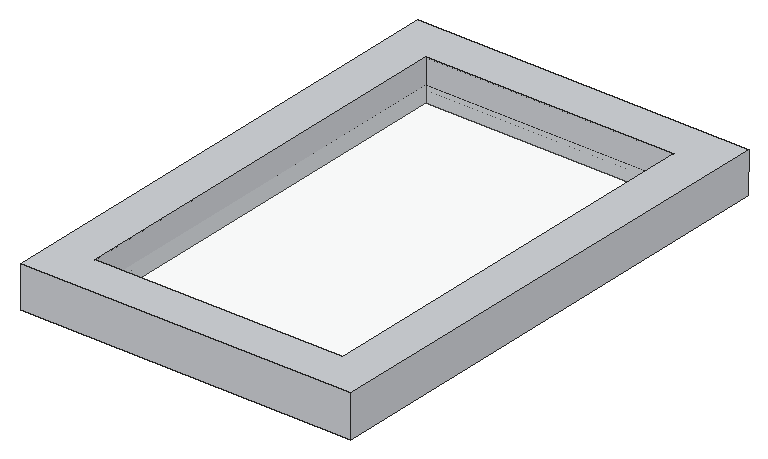
Revit family "PHLS Skylight", category Windows, host Roof, Revit 2018 (continued)
Definition of nested family "dReveal Left Side Text - Elevation"
  Lines and regions (mm)
    Filled region 6, type "Solid Fill - Blue", in view "Ref. Level"
      outline origin (123.92, 0, 0) x (1, 0, 0) y (0, 1, 0)
        loop
          line (-180.453, -11.396) -> (-182.195, -19.881) -> (-174.048, -19.881)
          spline (-174.048, -19.881) -> (-171.339, -19.39) -> (-170.403, -18.98) -> (-169.624, -18.453) -> (-168.951, -17.766) -> (-168.372, -16.767) -> (-167.965, -15.727) -> (-167.815, -14.787) -> (-167.91, -13.846) -> (-168.186, -12.981) -> (-168.936, -12.084) -> (-169.762, -11.678) -> (-172.089, -11.396)
          line (-172.089, -11.396) -> (-180.453, -11.396)
    Filled region 7, type "Solid Fill - Blue", in view "Ref. Level"
      outline origin (152.049, 0, 0) x (1, 0, 0) y (0, 1, 0)
        loop
          line (-188.129, -25.472) -> (-174.751, -25.472)
          spline (-174.751, -25.472) -> (-175.33, -18.793) -> (-178.232, -15.972) -> (-182.297, -15.286) -> (-185.875, -16.235) -> (-188.923, -19.053) -> (-190.829, -22.908) -> (-191.378, -26.678) -> (-190.398, -30.629) -> (-187.637, -33.408) -> (-183.785, -34.191) -> (-179.629, -32.861) -> (-175.591, -27.915)
          line (-175.591, -27.915) -> (-178.628, -27.65)
          spline (-178.628, -27.65) -> (-179.383, -29.083) -> (-180.181, -30.112) -> (-181.08, -30.842) -> (-182.086, -31.328) -> (-183.191, -31.613) -> (-184.325, -31.69) -> (-185.385, -31.524) -> (-186.294, -31.082) -> (-187.053, -30.342) -> (-187.68, -29.283) -> (-188.105, -27.762) -> (-188.129, -25.472)
        loop
          spline (-177.445, -23.161) -> (-177.526, -21.224) -> (-177.805, -19.993) -> (-178.317, -19.083) -> (-179.061, -18.396) -> (-179.944, -17.928) -> (-180.872, -17.685) -> (-181.802, -17.626) -> (-182.746, -17.748) -> (-183.806, -18.125) -> (-185.057, -18.884) -> (-186.406, -20.407) -> (-187.699, -23.161)
          line (-187.699, -23.161) -> (-177.445, -23.161)
    Filled region 8, type "Solid Fill - Blue", in view "Ref. Level"
      outline origin (189.186, 0, 0) x (1, 0, 0) y (0, 1, 0)
        loop
          line (-188.129, -25.472) -> (-174.751, -25.472)
          spline (-174.751, -25.472) -> (-175.33, -18.793) -> (-178.232, -15.972) -> (-182.297, -15.286) -> (-185.875, -16.235) -> (-188.923, -19.053) -> (-190.829, -22.908) -> (-191.378, -26.678) -> (-190.398, -30.629) -> (-187.637, -33.408) -> (-183.785, -34.191) -> (-179.629, -32.861) -> (-175.591, -27.915)
          line (-175.591, -27.915) -> (-178.628, -27.65)
          spline (-178.628, -27.65) -> (-179.383, -29.083) -> (-180.181, -30.112) -> (-181.08, -30.842) -> (-182.086, -31.328) -> (-183.191, -31.613) -> (-184.325, -31.69) -> (-185.385, -31.524) -> (-186.294, -31.082) -> (-187.053, -30.342) -> (-187.68, -29.283) -> (-188.105, -27.762) -> (-188.129, -25.472)
        loop
          spline (-177.445, -23.161) -> (-177.526, -21.224) -> (-177.805, -19.993) -> (-178.317, -19.083) -> (-179.061, -18.396) -> (-179.944, -17.928) -> (-180.872, -17.685) -> (-181.802, -17.626) -> (-182.746, -17.748) -> (-183.806, -18.125) -> (-185.057, -18.884) -> (-186.406, -20.407) -> (-187.699, -23.161)
          line (-187.699, -23.161) -> (-177.445, -23.161)
    Filled region 9, type "Solid Fill - Blue", in view "Ref. Level"
      outline origin (173.693, 0, 0) x (1, 0, 0) y (0, 1, 0)
        loop
          line (-189.88, -33.819) -> (-186.425, -33.819) -> (-175.939, -15.656) -> (-179.19, -15.656) -> (-187.655, -30.927) -> (-189.88, -15.656) -> (-192.832, -15.656) -> (-189.88, -33.819)
    Filled region 10, type "Solid Fill - Blue", in view "Ref. Level"
      outline origin (208.746, 0, 0) x (1, 0, 0) y (0, 1, 0)
        loop
          spline (-176.731, -33.81) -> (-177.048, -30.756) -> (-176.568, -27.729) -> (-175.862, -24.428) -> (-175.296, -21.761) -> (-175.209, -19.472) -> (-176.174, -17.323) -> (-178.088, -15.946) -> (-180.408, -15.324) -> (-183.076, -15.244) -> (-185.871, -15.924) -> (-188.445, -17.662) -> (-190.254, -20.766)
          line (-190.254, -20.766) -> (-187.177, -21.036)
          spline (-187.177, -21.036) -> (-186.217, -19.367) -> (-185.166, -18.49) -> (-184.123, -18.053) -> (-183.14, -17.828) -> (-182.213, -17.753) -> (-181.329, -17.788) -> (-180.488, -17.931) -> (-179.696, -18.205) -> (-178.989, -18.646) -> (-178.457, -19.328) -> (-178.242, -20.429) -> (-178.61, -22.434)
          spline (-178.61, -22.434) -> (-182.106, -22.969) -> (-185.94, -23.268) -> (-188.411, -23.836) -> (-190.183, -24.81) -> (-191.466, -26.329) -> (-192.072, -28.375) -> (-191.785, -30.63) -> (-190.666, -32.589) -> (-188.815, -33.834) -> (-186.625, -34.269) -> (-184.308, -33.979) -> (-180.197, -31.547)
          line (-180.197, -31.547) -> (-179.837, -33.81) -> (-176.731, -33.81)
        loop
          arc (-179.062, -24.59) -> (-179.61, -24.797) -> (-180.176, -24.947) r 5.632
          spline (-180.176, -24.947) -> (-183.054, -25.289) -> (-185.569, -25.599) -> (-187.565, -26.26) -> (-188.711, -27.474) -> (-189.006, -29.249) -> (-188.323, -30.798) -> (-186.742, -31.691) -> (-184.734, -31.772) -> (-182.898, -31.193) -> (-181.336, -30.093) -> (-180.13, -28.385) -> (-179.062, -24.59)
    Filled region 11, type "Solid Fill - Blue", in view "Ref. Level"
      outline origin (223.839, 0, 0) x (1, 0, 0) y (0, 1, 0)
        loop
          line (-188.472, -33.793) -> (-185.362, -33.793) -> (-180.225, -8.762) -> (-183.335, -8.762) -> (-188.472, -33.793)
    Filled region 12, type "Solid Fill - Blue", in view "Ref. Level"
      outline origin (241.995, 0, 0) x (1, 0, 0) y (0, 1, 0)
        loop
          line (-188.472, -33.793) -> (-171.96, -33.793) -> (-171.385, -30.991) -> (-184.475, -30.991) -> (-179.913, -8.762) -> (-183.335, -8.762) -> (-188.472, -33.793)
    Filled region 13, type "Solid Fill - Blue", in view "Ref. Level"
      outline origin (264.491, 0, 0) x (1, 0, 0) y (0, 1, 0)
        loop
          line (-188.129, -25.472) -> (-174.751, -25.472)
          spline (-174.751, -25.472) -> (-175.33, -18.793) -> (-178.232, -15.972) -> (-182.297, -15.286) -> (-185.875, -16.235) -> (-188.923, -19.053) -> (-190.829, -22.908) -> (-191.378, -26.678) -> (-190.398, -30.629) -> (-187.637, -33.408) -> (-183.785, -34.191) -> (-179.629, -32.861) -> (-175.591, -27.915)
          line (-175.591, -27.915) -> (-178.628, -27.65)
          spline (-178.628, -27.65) -> (-179.383, -29.083) -> (-180.181, -30.112) -> (-181.08, -30.842) -> (-182.086, -31.328) -> (-183.191, -31.613) -> (-184.325, -31.69) -> (-185.385, -31.524) -> (-186.294, -31.082) -> (-187.053, -30.342) -> (-187.68, -29.283) -> (-188.105, -27.762) -> (-188.129, -25.472)
        loop
          spline (-177.445, -23.161) -> (-177.526, -21.224) -> (-177.805, -19.993) -> (-178.317, -19.083) -> (-179.061, -18.396) -> (-179.944, -17.928) -> (-180.872, -17.685) -> (-181.802, -17.626) -> (-182.746, -17.748) -> (-183.806, -18.125) -> (-185.057, -18.884) -> (-186.406, -20.407) -> (-187.699, -23.161)
          line (-187.699, -23.161) -> (-177.445, -23.161)
    Filled region 14, type "Solid Fill - Blue", in view "Ref. Level"
      outline origin (363.086, 0, 0) x (1, 0, 0) y (0, 1, 0)
        loop
          line (-188.129, -25.472) -> (-174.751, -25.472)
          spline (-174.751, -25.472) -> (-175.33, -18.793) -> (-178.232, -15.972) -> (-182.297, -15.286) -> (-185.875, -16.235) -> (-188.923, -19.053) -> (-190.829, -22.908) -> (-191.378, -26.678) -> (-190.398, -30.629) -> (-187.637, -33.408) -> (-183.785, -34.191) -> (-179.629, -32.861) -> (-175.591, -27.915)
          line (-175.591, -27.915) -> (-178.628, -27.65)
          spline (-178.628, -27.65) -> (-179.383, -29.083) -> (-180.181, -30.112) -> (-181.08, -30.842) -> (-182.086, -31.328) -> (-183.191, -31.613) -> (-184.325, -31.69) -> (-185.385, -31.524) -> (-186.294, -31.082) -> (-187.053, -30.342) -> (-187.68, -29.283) -> (-188.105, -27.762) -> (-188.129, -25.472)
        loop
          spline (-177.445, -23.161) -> (-177.526, -21.224) -> (-177.805, -19.993) -> (-178.317, -19.083) -> (-179.061, -18.396) -> (-179.944, -17.928) -> (-180.872, -17.685) -> (-181.802, -17.626) -> (-182.746, -17.748) -> (-183.806, -18.125) -> (-185.057, -18.884) -> (-186.406, -20.407) -> (-187.699, -23.161)
          line (-187.699, -23.161) -> (-177.445, -23.161)
    Filled region 15, type "Solid Fill - Blue", in view "Ref. Level"
      outline origin (352.658, 0, 0) x (1, 0, 0) y (0, 1, 0)
        loop
          line (-189.097, -33.793) -> (-186.143, -33.793) -> (-181.007, -8.762) -> (-183.96, -8.762) -> (-185.992, -18.666)
          spline (-185.992, -18.666) -> (-189.018, -15.645) -> (-191.89, -15.318) -> (-194.745, -16.312) -> (-197.017, -18.256) -> (-198.758, -21.005) -> (-199.707, -23.911) -> (-199.98, -27.227) -> (-199.492, -30.174) -> (-197.974, -32.627) -> (-195.435, -34.052) -> (-192.553, -33.977) -> (-188.596, -31.353)
          line (-188.596, -31.353) -> (-189.097, -33.793)
        loop
          spline (-187.074, -23.939) -> (-187.766, -19.434) -> (-189.652, -17.96) -> (-191.978, -17.855) -> (-193.982, -19.036) -> (-195.419, -21.043) -> (-196.57, -23.675) -> (-197.008, -26.615) -> (-196.558, -29.314) -> (-195.29, -31.127) -> (-193.225, -31.745) -> (-190.995, -31.199) -> (-187.564, -26.326)
          line (-187.564, -26.326) -> (-187.074, -23.939)
    Filled region 16, type "Solid Fill - Blue", in view "Ref. Level"
      outline origin (280.66, 0, 0) x (1, 0, 0) y (0, 1, 0)
        loop
          line (-188.472, -33.793) -> (-185.362, -33.793) -> (-182.128, -18.033) -> (-178.684, -18.033) -> (-178.196, -15.651) -> (-181.639, -15.651) -> (-181.13, -13.171)
          spline (-181.13, -13.171) -> (-180.875, -12.394) -> (-180.648, -11.881) -> (-180.425, -11.557) -> (-180.185, -11.35) -> (-179.912, -11.208) -> (-179.604, -11.12) -> (-179.257, -11.078) -> (-178.871, -11.074) -> (-178.428, -11.106) -> (-177.895, -11.181) -> (-177.234, -11.306) -> (-176.412, -11.487)
          line (-176.412, -11.487) -> (-175.837, -8.781)
          spline (-175.837, -8.781) -> (-177.104, -8.532) -> (-178.088, -8.382) -> (-178.945, -8.3) -> (-179.74, -8.286) -> (-180.49, -8.36) -> (-181.202, -8.535) -> (-181.855, -8.805) -> (-182.425, -9.164) -> (-182.908, -9.62) -> (-183.321, -10.204) -> (-183.703, -11.082) -> (-184.151, -12.738)
          line (-184.151, -12.738) -> (-184.748, -15.651) -> (-187.516, -15.651) -> (-188.004, -18.033) -> (-185.237, -18.033) -> (-188.472, -33.793)
    Filled region 17, type "Solid Fill - Blue", in view "Ref. Level"
      outline origin (290.66, 0, 0) x (1, 0, 0) y (0, 1, 0)
        loop
          spline (-188.225, -31.068) -> (-188.142, -32.2) -> (-187.85, -32.743) -> (-187.548, -33.075) -> (-187.215, -33.366) -> (-186.817, -33.641) -> (-186.334, -33.851) -> (-185.8, -33.988) -> (-185.279, -34.07) -> (-184.77, -34.11) -> (-184.203, -34.117) -> (-183.457, -34.057) -> (-182.296, -33.793)
          line (-182.296, -33.793) -> (-181.778, -31.268)
          spline (-181.778, -31.268) -> (-182.615, -31.431) -> (-183.256, -31.506) -> (-183.748, -31.513) -> (-184.131, -31.466) -> (-184.428, -31.371) -> (-184.66, -31.233) -> (-184.832, -31.045) -> (-184.939, -30.798) -> (-184.983, -30.489) -> (-184.981, -30.117) -> (-184.902, -29.552) -> (-184.676, -28.55)
          line (-184.676, -28.55) -> (-182.44, -18.033) -> (-179.466, -18.033) -> (-178.977, -15.651) -> (-181.952, -15.651) -> (-180.595, -9.043) -> (-184.142, -11.174) -> (-185.061, -15.651) -> (-187.516, -15.651) -> (-188.004, -18.033) -> (-185.55, -18.033) -> (-188.225, -31.068)
    Filled region 18, type "Solid Fill - Blue", in view "Ref. Level"
      outline origin (331.507, 0, 0) x (1, 0, 0) y (0, 1, 0)
        loop
          line (-187.046, -33.813) -> (-183.92, -33.813) -> (-180.059, -15.651) -> (-183.186, -15.651) -> (-187.046, -33.813)
        loop
          line (-178.662, -8.76) -> (-181.772, -8.76) -> (-182.479, -12.206) -> (-179.369, -12.206) -> (-178.662, -8.76)
    Filled region 19, type "Solid Fill - Blue", in view "Ref. Level"
      outline origin (314.652, 0, 0) x (1, 0, 0) y (0, 1, 0)
        loop
          spline (-191.902, -25.696) -> (-188.873, -32.573) -> (-184.7, -34.054) -> (-179.1, -33.911) -> (-174.626, -31.632) -> (-172.605, -27.747) -> (-173.701, -23.276) -> (-177.807, -20.444) -> (-183.106, -18.033) -> (-185.511, -14.656) -> (-182.77, -11.452) -> (-177.656, -11.4) -> (-174.053, -16.091)
          line (-174.053, -16.091) -> (-170.823, -15.809)
          spline (-170.823, -15.809) -> (-173.206, -10.35) -> (-177.749, -8.428) -> (-183.329, -8.698) -> (-187.292, -10.915) -> (-188.76, -15.635) -> (-186.187, -19.894) -> (-181.292, -22.401) -> (-176.599, -25.193) -> (-176.643, -29.277) -> (-181.021, -31.416) -> (-186.304, -30.526) -> (-188.603, -25.407)
          line (-188.603, -25.407) -> (-191.902, -25.696)
Definition of nested family "hHori Text - Elevation"
  Reference planes
    plane 1 "Center (Front/Back)": y = 0
    plane 2: z = 0
    plane 3 "Center (Left/Right)": x = 0
  Lines and regions (mm)
    Filled region 1, type "Solid Fill - Blue", in view "Ref. Level"
      outline origin (96.015, 45, 0) x (1, 0, 0) y (0, 1, 0)
        loop
          line (-188.472, -33.793) -> (-185.05, -33.793) -> (-182.961, -23.613) -> (-175.674, -23.613)
          spline (-175.674, -23.613) -> (-171.33, -22.908) -> (-169.791, -22.309) -> (-168.405, -21.311) -> (-167.201, -20.024) -> (-166.317, -18.518) -> (-165.768, -16.888) -> (-165.579, -15.289) -> (-165.618, -13.63) -> (-166.119, -11.979) -> (-167.07, -10.588) -> (-168.322, -9.573) -> (-171.627, -8.762)
          line (-171.627, -8.762) -> (-183.335, -8.762) -> (-188.472, -33.793)
        loop
          line (-180.453, -11.396) -> (-182.387, -20.819) -> (-175.67, -20.819)
          spline (-175.67, -20.819) -> (-172.662, -20.274) -> (-171.624, -19.818) -> (-170.758, -19.233) -> (-170.01, -18.47) -> (-169.367, -17.36) -> (-168.916, -16.205) -> (-168.749, -15.161) -> (-168.855, -14.116) -> (-169.161, -13.156) -> (-169.994, -12.16) -> (-170.911, -11.709) -> (-173.495, -11.396)
          line (-173.495, -11.396) -> (-180.453, -11.396)
    Filled region 2, type "Solid Fill - Blue", in view "Ref. Level"
      outline origin (119.226, 45, 0) x (1, 0, 0) y (0, 1, 0)
        loop
          line (-188.472, -33.793) -> (-185.05, -33.793) -> (-182.624, -21.973) -> (-169.658, -21.973) -> (-172.083, -33.793) -> (-168.661, -33.793) -> (-163.525, -8.762) -> (-166.947, -8.762) -> (-169.084, -19.178) -> (-182.05, -19.178) -> (-179.913, -8.762) -> (-183.335, -8.762) -> (-188.472, -33.793)
    Filled region 3, type "Solid Fill - Blue", in view "Ref. Level"
      outline origin (144.429, 45, 0) x (1, 0, 0) y (0, 1, 0)
        loop
          line (-188.472, -33.793) -> (-185.05, -33.793) -> (-182.961, -23.613) -> (-175.674, -23.613)
          spline (-175.674, -23.613) -> (-171.33, -22.908) -> (-169.791, -22.309) -> (-168.405, -21.311) -> (-167.201, -20.024) -> (-166.317, -18.518) -> (-165.768, -16.888) -> (-165.579, -15.289) -> (-165.618, -13.63) -> (-166.119, -11.979) -> (-167.07, -10.588) -> (-168.322, -9.573) -> (-171.627, -8.762)
          line (-171.627, -8.762) -> (-183.335, -8.762) -> (-188.472, -33.793)
        loop
          line (-180.453, -11.396) -> (-182.387, -20.819) -> (-175.67, -20.819)
          spline (-175.67, -20.819) -> (-172.662, -20.274) -> (-171.624, -19.818) -> (-170.758, -19.233) -> (-170.01, -18.47) -> (-169.367, -17.36) -> (-168.916, -16.205) -> (-168.749, -15.161) -> (-168.855, -14.116) -> (-169.161, -13.156) -> (-169.994, -12.16) -> (-170.911, -11.709) -> (-173.495, -11.396)
          line (-173.495, -11.396) -> (-180.453, -11.396)
    Filled region 4, type "Solid Fill - Blue", in view "Ref. Level"
      outline origin (167.493, 45, 0) x (1, 0, 0) y (0, 1, 0)
        loop
          line (-188.472, -33.793) -> (-185.05, -33.793) -> (-182.961, -23.613) -> (-175.674, -23.613)
          spline (-175.674, -23.613) -> (-171.33, -22.908) -> (-169.791, -22.309) -> (-168.405, -21.311) -> (-167.201, -20.024) -> (-166.317, -18.518) -> (-165.768, -16.888) -> (-165.579, -15.289) -> (-165.618, -13.63) -> (-166.119, -11.979) -> (-167.07, -10.588) -> (-168.322, -9.573) -> (-171.627, -8.762)
          line (-171.627, -8.762) -> (-183.335, -8.762) -> (-188.472, -33.793)
        loop
          line (-180.453, -11.396) -> (-182.387, -20.819) -> (-175.67, -20.819)
          spline (-175.67, -20.819) -> (-172.662, -20.274) -> (-171.624, -19.818) -> (-170.758, -19.233) -> (-170.01, -18.47) -> (-169.367, -17.36) -> (-168.916, -16.205) -> (-168.749, -15.161) -> (-168.855, -14.116) -> (-169.161, -13.156) -> (-169.994, -12.16) -> (-170.911, -11.709) -> (-173.495, -11.396)
          line (-173.495, -11.396) -> (-180.453, -11.396)
    Filled region 5, type "Solid Fill - Blue", in view "Ref. Level"
      outline origin (219.538, 45, 0) x (1, 0, 0) y (0, 1, 0)
        loop
          line (-188.472, -33.793) -> (-185.05, -33.793) -> (-182.624, -21.973) -> (-169.658, -21.973) -> (-172.083, -33.793) -> (-168.661, -33.793) -> (-163.525, -8.762) -> (-166.947, -8.762) -> (-169.084, -19.178) -> (-182.05, -19.178) -> (-179.913, -8.762) -> (-183.335, -8.762) -> (-188.472, -33.793)
    Filled region 6, type "Solid Fill - Blue", in view "Ref. Level"
      outline origin (273.973, 44.971, 0) x (1, 0, 0) y (0, 1, 0)
        loop
          line (-187.046, -33.813) -> (-183.92, -33.813) -> (-180.059, -15.651) -> (-183.186, -15.651) -> (-187.046, -33.813)
        loop
          line (-178.662, -8.76) -> (-181.772, -8.76) -> (-182.479, -12.206) -> (-179.369, -12.206) -> (-178.662, -8.76)
    Filled region 7, type "Solid Fill - Blue", in view "Ref. Level"
      outline origin (262.354, 44.971, 0) x (1, 0, 0) y (0, 1, 0)
        loop
          line (-187.203, -33.813) -> (-184.232, -33.813) -> (-182.187, -24.191)
          spline (-182.187, -24.191) -> (-181.595, -22.531) -> (-181.014, -21.296) -> (-180.448, -20.401) -> (-179.904, -19.758) -> (-179.385, -19.282) -> (-178.893, -18.903) -> (-178.403, -18.603) -> (-177.889, -18.375) -> (-177.325, -18.211) -> (-176.675, -18.137) -> (-175.886, -18.259) -> (-174.899, -18.698)
          line (-174.899, -18.698) -> (-173.695, -15.861)
          spline (-173.695, -15.861) -> (-174.712, -15.452) -> (-175.433, -15.243) -> (-176.054, -15.188) -> (-176.66, -15.253) -> (-177.241, -15.405) -> (-177.786, -15.618) -> (-178.303, -15.896) -> (-178.811, -16.26) -> (-179.331, -16.733) -> (-179.901, -17.353) -> (-180.588, -18.186) -> (-181.46, -19.3)
          line (-181.46, -19.3) -> (-180.684, -15.651) -> (-183.342, -15.651) -> (-187.203, -33.813)
    Filled region 8, type "Solid Fill - Blue", in view "Ref. Level"
      outline origin (250.372, 44.971, 0) x (1, 0, 0) y (0, 1, 0)
        loop
          spline (-187.2, -31.928) -> (-185.814, -32.036) -> (-184.391, -31.647) -> (-183.027, -30.787) -> (-181.817, -29.514) -> (-180.842, -27.915) -> (-180.169, -26.1) -> (-179.844, -24.191) -> (-179.889, -22.319) -> (-180.301, -20.612) -> (-181.051, -19.185) -> (-182.089, -18.136) -> (-183.345, -17.537)
          spline (-183.345, -17.537) -> (-184.731, -17.428) -> (-186.154, -17.818) -> (-187.518, -18.678) -> (-188.728, -19.951) -> (-189.703, -21.549) -> (-190.376, -23.365) -> (-190.701, -25.274) -> (-190.656, -27.146) -> (-190.244, -28.853) -> (-189.494, -30.28) -> (-188.455, -31.328) -> (-187.2, -31.928)
        loop
          spline (-187.969, -34.137) -> (-185.791, -34.414) -> (-183.578, -34.032) -> (-181.481, -33.016) -> (-179.642, -31.436) -> (-178.186, -29.399) -> (-177.214, -27.043) -> (-176.79, -24.53) -> (-176.945, -22.031) -> (-177.667, -19.717) -> (-178.908, -17.743) -> (-180.582, -16.247) -> (-182.576, -15.328)
          spline (-182.576, -15.328) -> (-184.753, -15.05) -> (-186.967, -15.433) -> (-189.064, -16.448) -> (-190.903, -18.029) -> (-192.359, -20.066) -> (-193.331, -22.422) -> (-193.755, -24.934) -> (-193.6, -27.433) -> (-192.878, -29.748) -> (-191.637, -31.721) -> (-189.963, -33.218) -> (-187.969, -34.137)
    Filled region 9, type "Solid Fill - Blue", in view "Ref. Level"
      outline origin (198.758, 44.983, 0) x (1, 0, 0) y (0, 1, 0)
        loop
          line (-187.203, -33.813) -> (-184.076, -33.813) -> (-182.029, -24.183)
          spline (-182.029, -24.183) -> (-181.055, -21.496) -> (-180.114, -19.985) -> (-179.213, -19.156) -> (-178.355, -18.578) -> (-177.493, -18.149) -> (-176.57, -17.875) -> (-175.595, -17.762) -> (-174.69, -17.814) -> (-173.937, -18.051) -> (-173.31, -18.53) -> (-172.9, -19.34) -> (-173.029, -21.034)
          line (-173.029, -21.034) -> (-175.745, -33.813) -> (-172.618, -33.813) -> (-170.184, -22.361)
          spline (-170.184, -22.361) -> (-169.793, -19.618) -> (-169.966, -18.045) -> (-170.478, -17.066) -> (-171.158, -16.393) -> (-171.899, -15.878) -> (-172.776, -15.508) -> (-173.861, -15.299) -> (-175.038, -15.27) -> (-176.173, -15.439) -> (-177.283, -15.818) -> (-178.473, -16.46) -> (-180.15, -17.713)
          line (-180.15, -17.713) -> (-180.789, -18.352) -> (-178.751, -8.76) -> (-181.877, -8.76) -> (-187.203, -33.813)
Definition of nested family "dOver Text - Elevation"
  Reference planes
    plane 1 "Center (Front/Back)": y = 0
    plane 2: z = 0
    plane 3 "Center (Left/Right)": x = 0
  Lines and regions (mm)
    Filled region 1, type "Solid Fill - Blue", in view "Ref. Level"
      outline origin (89.608, 0, 0) x (1, 0, 0) y (0, 1, 0)
        loop
          line (-188.472, -33.793) -> (-185.05, -33.793) -> (-182.961, -23.613) -> (-175.674, -23.613)
          spline (-175.674, -23.613) -> (-171.33, -22.908) -> (-169.791, -22.309) -> (-168.405, -21.311) -> (-167.201, -20.024) -> (-166.317, -18.518) -> (-165.768, -16.888) -> (-165.579, -15.289) -> (-165.618, -13.63) -> (-166.119, -11.979) -> (-167.07, -10.588) -> (-168.322, -9.573) -> (-171.627, -8.762)
          line (-171.627, -8.762) -> (-183.335, -8.762) -> (-188.472, -33.793)
        loop
          line (-180.453, -11.396) -> (-182.387, -20.819) -> (-175.67, -20.819)
          spline (-175.67, -20.819) -> (-172.662, -20.274) -> (-171.624, -19.818) -> (-170.758, -19.233) -> (-170.01, -18.47) -> (-169.367, -17.36) -> (-168.916, -16.205) -> (-168.749, -15.161) -> (-168.855, -14.116) -> (-169.161, -13.156) -> (-169.994, -12.16) -> (-170.911, -11.709) -> (-173.495, -11.396)
          line (-173.495, -11.396) -> (-180.453, -11.396)
    Filled region 2, type "Solid Fill - Blue", in view "Ref. Level"
      outline origin (112.819, 0, 0) x (1, 0, 0) y (0, 1, 0)
        loop
          line (-188.472, -33.793) -> (-185.05, -33.793) -> (-182.624, -21.973) -> (-169.658, -21.973) -> (-172.083, -33.793) -> (-168.661, -33.793) -> (-163.525, -8.762) -> (-166.947, -8.762) -> (-169.084, -19.178) -> (-182.05, -19.178) -> (-179.913, -8.762) -> (-183.335, -8.762) -> (-188.472, -33.793)
    Filled region 3, type "Solid Fill - Blue", in view "Ref. Level"
      outline origin (138.023, 0, 0) x (1, 0, 0) y (0, 1, 0)
        loop
          line (-188.472, -33.793) -> (-185.05, -33.793) -> (-182.961, -23.613) -> (-175.674, -23.613)
          spline (-175.674, -23.613) -> (-171.33, -22.908) -> (-169.791, -22.309) -> (-168.405, -21.311) -> (-167.201, -20.024) -> (-166.317, -18.518) -> (-165.768, -16.888) -> (-165.579, -15.289) -> (-165.618, -13.63) -> (-166.119, -11.979) -> (-167.07, -10.588) -> (-168.322, -9.573) -> (-171.627, -8.762)
          line (-171.627, -8.762) -> (-183.335, -8.762) -> (-188.472, -33.793)
        loop
          line (-180.453, -11.396) -> (-182.387, -20.819) -> (-175.67, -20.819)
          spline (-175.67, -20.819) -> (-172.662, -20.274) -> (-171.624, -19.818) -> (-170.758, -19.233) -> (-170.01, -18.47) -> (-169.367, -17.36) -> (-168.916, -16.205) -> (-168.749, -15.161) -> (-168.855, -14.116) -> (-169.161, -13.156) -> (-169.994, -12.16) -> (-170.911, -11.709) -> (-173.495, -11.396)
          line (-173.495, -11.396) -> (-180.453, -11.396)
    Filled region 4, type "Solid Fill - Blue", in view "Ref. Level"
      outline origin (161.087, 0, 0) x (1, 0, 0) y (0, 1, 0)
        loop
          line (-188.472, -33.793) -> (-185.05, -33.793) -> (-182.961, -23.613) -> (-175.674, -23.613)
          spline (-175.674, -23.613) -> (-171.33, -22.908) -> (-169.791, -22.309) -> (-168.405, -21.311) -> (-167.201, -20.024) -> (-166.317, -18.518) -> (-165.768, -16.888) -> (-165.579, -15.289) -> (-165.618, -13.63) -> (-166.119, -11.979) -> (-167.07, -10.588) -> (-168.322, -9.573) -> (-171.627, -8.762)
          line (-171.627, -8.762) -> (-183.335, -8.762) -> (-188.472, -33.793)
        loop
          line (-180.453, -11.396) -> (-182.387, -20.819) -> (-175.67, -20.819)
          spline (-175.67, -20.819) -> (-172.662, -20.274) -> (-171.624, -19.818) -> (-170.758, -19.233) -> (-170.01, -18.47) -> (-169.367, -17.36) -> (-168.916, -16.205) -> (-168.749, -15.161) -> (-168.855, -14.116) -> (-169.161, -13.156) -> (-169.994, -12.16) -> (-170.911, -11.709) -> (-173.495, -11.396)
          line (-173.495, -11.396) -> (-180.453, -11.396)
    Filled region 5, type "Solid Fill - Blue", in view "Ref. Level"
      outline origin (206.087, 0, 0) x (1, 0, 0) y (0, 1, 0)
        loop
          line (-189.097, -33.793) -> (-186.143, -33.793) -> (-181.007, -8.762) -> (-183.96, -8.762) -> (-185.992, -18.666)
          spline (-185.992, -18.666) -> (-189.018, -15.645) -> (-191.89, -15.318) -> (-194.745, -16.312) -> (-197.017, -18.256) -> (-198.758, -21.005) -> (-199.707, -23.911) -> (-199.98, -27.227) -> (-199.492, -30.174) -> (-197.974, -32.627) -> (-195.435, -34.052) -> (-192.553, -33.977) -> (-188.596, -31.353)
          line (-188.596, -31.353) -> (-189.097, -33.793)
        loop
          spline (-187.074, -23.939) -> (-187.766, -19.434) -> (-189.652, -17.96) -> (-191.978, -17.855) -> (-193.982, -19.036) -> (-195.419, -21.043) -> (-196.57, -23.675) -> (-197.008, -26.615) -> (-196.558, -29.314) -> (-195.29, -31.127) -> (-193.225, -31.745) -> (-190.995, -31.199) -> (-187.564, -26.326)
          line (-187.564, -26.326) -> (-187.074, -23.939)
    Filled region 6, type "Solid Fill - Blue", in view "Ref. Level"
      outline origin (261.661, 0, 0) x (1, 0, 0) y (0, 1, 0)
        loop
          line (-188.129, -25.472) -> (-174.751, -25.472)
          spline (-174.751, -25.472) -> (-175.33, -18.793) -> (-178.232, -15.972) -> (-182.297, -15.286) -> (-185.875, -16.235) -> (-188.923, -19.053) -> (-190.829, -22.908) -> (-191.378, -26.678) -> (-190.398, -30.629) -> (-187.637, -33.408) -> (-183.785, -34.191) -> (-179.629, -32.861) -> (-175.591, -27.915)
          line (-175.591, -27.915) -> (-178.628, -27.65)
          spline (-178.628, -27.65) -> (-179.383, -29.083) -> (-180.181, -30.112) -> (-181.08, -30.842) -> (-182.086, -31.328) -> (-183.191, -31.613) -> (-184.325, -31.69) -> (-185.385, -31.524) -> (-186.294, -31.082) -> (-187.053, -30.342) -> (-187.68, -29.283) -> (-188.105, -27.762) -> (-188.129, -25.472)
        loop
          spline (-177.445, -23.161) -> (-177.526, -21.224) -> (-177.805, -19.993) -> (-178.317, -19.083) -> (-179.061, -18.396) -> (-179.944, -17.928) -> (-180.872, -17.685) -> (-181.802, -17.626) -> (-182.746, -17.748) -> (-183.806, -18.125) -> (-185.057, -18.884) -> (-186.406, -20.407) -> (-187.699, -23.161)
          line (-187.699, -23.161) -> (-177.445, -23.161)
    Filled region 7, type "Solid Fill - Blue", in view "Ref. Level"
      outline origin (246.168, 0, 0) x (1, 0, 0) y (0, 1, 0)
        loop
          line (-189.88, -33.819) -> (-186.425, -33.819) -> (-175.939, -15.656) -> (-179.19, -15.656) -> (-187.655, -30.927) -> (-189.88, -15.656) -> (-192.832, -15.656) -> (-189.88, -33.819)
    Filled region 8, type "Solid Fill - Blue", in view "Ref. Level"
      outline origin (275.905, -0.028, 0) x (1, 0, 0) y (0, 1, 0)
        loop
          line (-187.203, -33.813) -> (-184.232, -33.813) -> (-182.187, -24.191)
          spline (-182.187, -24.191) -> (-181.595, -22.531) -> (-181.014, -21.296) -> (-180.448, -20.401) -> (-179.904, -19.758) -> (-179.385, -19.282) -> (-178.893, -18.903) -> (-178.403, -18.603) -> (-177.889, -18.375) -> (-177.325, -18.211) -> (-176.675, -18.137) -> (-175.886, -18.259) -> (-174.899, -18.698)
          line (-174.899, -18.698) -> (-173.695, -15.861)
          spline (-173.695, -15.861) -> (-174.712, -15.452) -> (-175.433, -15.243) -> (-176.054, -15.188) -> (-176.66, -15.253) -> (-177.241, -15.405) -> (-177.786, -15.618) -> (-178.303, -15.896) -> (-178.811, -16.26) -> (-179.331, -16.733) -> (-179.901, -17.353) -> (-180.588, -18.186) -> (-181.46, -19.3)
          line (-181.46, -19.3) -> (-180.684, -15.651) -> (-183.342, -15.651) -> (-187.203, -33.813)
    Filled region 9, type "Solid Fill - Blue", in view "Ref. Level"
      outline origin (231.737, 1.261, 0) x (1, 0, 0) y (0, 1, 0)
        loop
          spline (-197.159, -32.146) -> (-194.96, -32.651) -> (-192.646, -32.462) -> (-190.372, -31.592) -> (-188.295, -30.101) -> (-186.555, -28.09) -> (-185.271, -25.696) -> (-184.532, -23.082) -> (-184.386, -20.427) -> (-184.844, -17.911) -> (-185.876, -15.706) -> (-187.41, -13.962) -> (-189.341, -12.798)
          spline (-189.341, -12.798) -> (-191.54, -12.293) -> (-193.854, -12.482) -> (-196.128, -13.352) -> (-198.205, -14.843) -> (-199.945, -16.854) -> (-201.229, -19.248) -> (-201.968, -21.862) -> (-202.114, -24.517) -> (-201.655, -27.033) -> (-200.624, -29.238) -> (-199.09, -30.982) -> (-197.159, -32.146)
        loop
          spline (-198.217, -34.766) -> (-195.257, -35.474) -> (-192.161, -35.297) -> (-189.138, -34.245) -> (-186.396, -32.391) -> (-184.121, -29.862) -> (-182.468, -26.828) -> (-181.55, -23.498) -> (-181.429, -20.098) -> (-182.114, -16.859) -> (-183.557, -14.003) -> (-185.662, -11.724) -> (-188.283, -10.178)
          spline (-188.283, -10.178) -> (-191.243, -9.47) -> (-194.339, -9.647) -> (-197.362, -10.699) -> (-200.104, -12.553) -> (-202.379, -15.082) -> (-204.032, -18.116) -> (-204.95, -21.446) -> (-205.071, -24.846) -> (-204.386, -28.085) -> (-202.942, -30.941) -> (-200.838, -33.22) -> (-198.217, -34.766)
Definition of nested family "oOver Text - Elevation"
  Reference planes
    plane 1 "Center (Front/Back)": y = 0
    plane 2: z = 0
    plane 3 "Center (Left/Right)": x = 0
  Lines and regions (mm)
    Filled region 1, type "Solid Fill - Blue", in view "Ref. Level"
      outline origin (89.608, 43, 0) x (1, 0, 0) y (0, 1, 0)
        loop
          line (-188.472, -33.793) -> (-185.05, -33.793) -> (-182.961, -23.613) -> (-175.674, -23.613)
          spline (-175.674, -23.613) -> (-171.33, -22.908) -> (-169.791, -22.309) -> (-168.405, -21.311) -> (-167.201, -20.024) -> (-166.317, -18.518) -> (-165.768, -16.888) -> (-165.579, -15.289) -> (-165.618, -13.63) -> (-166.119, -11.979) -> (-167.07, -10.588) -> (-168.322, -9.573) -> (-171.627, -8.762)
          line (-171.627, -8.762) -> (-183.335, -8.762) -> (-188.472, -33.793)
        loop
          line (-180.453, -11.396) -> (-182.387, -20.819) -> (-175.67, -20.819)
          spline (-175.67, -20.819) -> (-172.662, -20.274) -> (-171.624, -19.818) -> (-170.758, -19.233) -> (-170.01, -18.47) -> (-169.367, -17.36) -> (-168.916, -16.205) -> (-168.749, -15.161) -> (-168.855, -14.116) -> (-169.161, -13.156) -> (-169.994, -12.16) -> (-170.911, -11.709) -> (-173.495, -11.396)
          line (-173.495, -11.396) -> (-180.453, -11.396)
    Filled region 2, type "Solid Fill - Blue", in view "Ref. Level"
      outline origin (112.819, 43, 0) x (1, 0, 0) y (0, 1, 0)
        loop
          line (-188.472, -33.793) -> (-185.05, -33.793) -> (-182.624, -21.973) -> (-169.658, -21.973) -> (-172.083, -33.793) -> (-168.661, -33.793) -> (-163.525, -8.762) -> (-166.947, -8.762) -> (-169.084, -19.178) -> (-182.05, -19.178) -> (-179.913, -8.762) -> (-183.335, -8.762) -> (-188.472, -33.793)
    Filled region 3, type "Solid Fill - Blue", in view "Ref. Level"
      outline origin (138.023, 43, 0) x (1, 0, 0) y (0, 1, 0)
        loop
          line (-188.472, -33.793) -> (-185.05, -33.793) -> (-182.961, -23.613) -> (-175.674, -23.613)
          spline (-175.674, -23.613) -> (-171.33, -22.908) -> (-169.791, -22.309) -> (-168.405, -21.311) -> (-167.201, -20.024) -> (-166.317, -18.518) -> (-165.768, -16.888) -> (-165.579, -15.289) -> (-165.618, -13.63) -> (-166.119, -11.979) -> (-167.07, -10.588) -> (-168.322, -9.573) -> (-171.627, -8.762)
          line (-171.627, -8.762) -> (-183.335, -8.762) -> (-188.472, -33.793)
        loop
          line (-180.453, -11.396) -> (-182.387, -20.819) -> (-175.67, -20.819)
          spline (-175.67, -20.819) -> (-172.662, -20.274) -> (-171.624, -19.818) -> (-170.758, -19.233) -> (-170.01, -18.47) -> (-169.367, -17.36) -> (-168.916, -16.205) -> (-168.749, -15.161) -> (-168.855, -14.116) -> (-169.161, -13.156) -> (-169.994, -12.16) -> (-170.911, -11.709) -> (-173.495, -11.396)
          line (-173.495, -11.396) -> (-180.453, -11.396)
    Filled region 4, type "Solid Fill - Blue", in view "Ref. Level"
      outline origin (161.087, 43, 0) x (1, 0, 0) y (0, 1, 0)
        loop
          line (-188.472, -33.793) -> (-185.05, -33.793) -> (-182.961, -23.613) -> (-175.674, -23.613)
          spline (-175.674, -23.613) -> (-171.33, -22.908) -> (-169.791, -22.309) -> (-168.405, -21.311) -> (-167.201, -20.024) -> (-166.317, -18.518) -> (-165.768, -16.888) -> (-165.579, -15.289) -> (-165.618, -13.63) -> (-166.119, -11.979) -> (-167.07, -10.588) -> (-168.322, -9.573) -> (-171.627, -8.762)
          line (-171.627, -8.762) -> (-183.335, -8.762) -> (-188.472, -33.793)
        loop
          line (-180.453, -11.396) -> (-182.387, -20.819) -> (-175.67, -20.819)
          spline (-175.67, -20.819) -> (-172.662, -20.274) -> (-171.624, -19.818) -> (-170.758, -19.233) -> (-170.01, -18.47) -> (-169.367, -17.36) -> (-168.916, -16.205) -> (-168.749, -15.161) -> (-168.855, -14.116) -> (-169.161, -13.156) -> (-169.994, -12.16) -> (-170.911, -11.709) -> (-173.495, -11.396)
          line (-173.495, -11.396) -> (-180.453, -11.396)
    Filled region 5, type "Solid Fill - Blue", in view "Ref. Level"
      outline origin (261.661, 43, 0) x (1, 0, 0) y (0, 1, 0)
        loop
          line (-188.129, -25.472) -> (-174.751, -25.472)
          spline (-174.751, -25.472) -> (-175.33, -18.793) -> (-178.232, -15.972) -> (-182.297, -15.286) -> (-185.875, -16.235) -> (-188.923, -19.053) -> (-190.829, -22.908) -> (-191.378, -26.678) -> (-190.398, -30.629) -> (-187.637, -33.408) -> (-183.785, -34.191) -> (-179.629, -32.861) -> (-175.591, -27.915)
          line (-175.591, -27.915) -> (-178.628, -27.65)
          spline (-178.628, -27.65) -> (-179.383, -29.083) -> (-180.181, -30.112) -> (-181.08, -30.842) -> (-182.086, -31.328) -> (-183.191, -31.613) -> (-184.325, -31.69) -> (-185.385, -31.524) -> (-186.294, -31.082) -> (-187.053, -30.342) -> (-187.68, -29.283) -> (-188.105, -27.762) -> (-188.129, -25.472)
        loop
          spline (-177.445, -23.161) -> (-177.526, -21.224) -> (-177.805, -19.993) -> (-178.317, -19.083) -> (-179.061, -18.396) -> (-179.944, -17.928) -> (-180.872, -17.685) -> (-181.802, -17.626) -> (-182.746, -17.748) -> (-183.806, -18.125) -> (-185.057, -18.884) -> (-186.406, -20.407) -> (-187.699, -23.161)
          line (-187.699, -23.161) -> (-177.445, -23.161)
    Filled region 6, type "Solid Fill - Blue", in view "Ref. Level"
      outline origin (246.168, 43, 0) x (1, 0, 0) y (0, 1, 0)
        loop
          line (-189.88, -33.819) -> (-186.425, -33.819) -> (-175.939, -15.656) -> (-179.19, -15.656) -> (-187.655, -30.927) -> (-189.88, -15.656) -> (-192.832, -15.656) -> (-189.88, -33.819)
    Filled region 7, type "Solid Fill - Blue", in view "Ref. Level"
      outline origin (275.905, 42.972, 0) x (1, 0, 0) y (0, 1, 0)
        loop
          line (-187.203, -33.813) -> (-184.232, -33.813) -> (-182.187, -24.191)
          spline (-182.187, -24.191) -> (-181.595, -22.531) -> (-181.014, -21.296) -> (-180.448, -20.401) -> (-179.904, -19.758) -> (-179.385, -19.282) -> (-178.893, -18.903) -> (-178.403, -18.603) -> (-177.889, -18.375) -> (-177.325, -18.211) -> (-176.675, -18.137) -> (-175.886, -18.259) -> (-174.899, -18.698)
          line (-174.899, -18.698) -> (-173.695, -15.861)
          spline (-173.695, -15.861) -> (-174.712, -15.452) -> (-175.433, -15.243) -> (-176.054, -15.188) -> (-176.66, -15.253) -> (-177.241, -15.405) -> (-177.786, -15.618) -> (-178.303, -15.896) -> (-178.811, -16.26) -> (-179.331, -16.733) -> (-179.901, -17.353) -> (-180.588, -18.186) -> (-181.46, -19.3)
          line (-181.46, -19.3) -> (-180.684, -15.651) -> (-183.342, -15.651) -> (-187.203, -33.813)
    Filled region 8, type "Solid Fill - Blue", in view "Ref. Level"
      outline origin (231.737, 44.261, 0) x (1, 0, 0) y (0, 1, 0)
        loop
          spline (-197.159, -32.146) -> (-194.96, -32.651) -> (-192.646, -32.462) -> (-190.372, -31.592) -> (-188.295, -30.101) -> (-186.555, -28.09) -> (-185.271, -25.696) -> (-184.532, -23.082) -> (-184.386, -20.427) -> (-184.844, -17.911) -> (-185.876, -15.706) -> (-187.41, -13.962) -> (-189.341, -12.798)
          spline (-189.341, -12.798) -> (-191.54, -12.293) -> (-193.854, -12.482) -> (-196.128, -13.352) -> (-198.205, -14.843) -> (-199.945, -16.854) -> (-201.229, -19.248) -> (-201.968, -21.862) -> (-202.114, -24.517) -> (-201.655, -27.033) -> (-200.624, -29.238) -> (-199.09, -30.982) -> (-197.159, -32.146)
        loop
          spline (-198.217, -34.766) -> (-195.257, -35.474) -> (-192.161, -35.297) -> (-189.138, -34.245) -> (-186.396, -32.391) -> (-184.121, -29.862) -> (-182.468, -26.828) -> (-181.55, -23.498) -> (-181.429, -20.098) -> (-182.114, -16.859) -> (-183.557, -14.003) -> (-185.662, -11.724) -> (-188.283, -10.178)
          spline (-188.283, -10.178) -> (-191.243, -9.47) -> (-194.339, -9.647) -> (-197.362, -10.699) -> (-200.104, -12.553) -> (-202.379, -15.082) -> (-204.032, -18.116) -> (-204.95, -21.446) -> (-205.071, -24.846) -> (-204.386, -28.085) -> (-202.942, -30.941) -> (-200.838, -33.22) -> (-198.217, -34.766)
    Filled region 9, type "Solid Fill - Blue", in view "Ref. Level"
      outline origin (199.751, 43.237, 0) x (1, 0, 0) y (0, 1, 0)
        loop
          spline (-187.2, -31.928) -> (-185.814, -32.036) -> (-184.391, -31.647) -> (-183.027, -30.787) -> (-181.817, -29.514) -> (-180.842, -27.915) -> (-180.169, -26.1) -> (-179.844, -24.191) -> (-179.889, -22.319) -> (-180.301, -20.612) -> (-181.051, -19.185) -> (-182.089, -18.136) -> (-183.345, -17.537)
          spline (-183.345, -17.537) -> (-184.731, -17.428) -> (-186.154, -17.818) -> (-187.518, -18.678) -> (-188.728, -19.951) -> (-189.703, -21.549) -> (-190.376, -23.365) -> (-190.701, -25.274) -> (-190.656, -27.146) -> (-190.244, -28.853) -> (-189.494, -30.28) -> (-188.455, -31.328) -> (-187.2, -31.928)
        loop
          spline (-187.969, -34.137) -> (-185.791, -34.414) -> (-183.578, -34.032) -> (-181.481, -33.016) -> (-179.642, -31.436) -> (-178.186, -29.399) -> (-177.214, -27.043) -> (-176.79, -24.53) -> (-176.945, -22.031) -> (-177.667, -19.717) -> (-178.908, -17.743) -> (-180.582, -16.247) -> (-182.576, -15.328)
          spline (-182.576, -15.328) -> (-184.753, -15.05) -> (-186.967, -15.433) -> (-189.064, -16.448) -> (-190.903, -18.029) -> (-192.359, -20.066) -> (-193.331, -22.422) -> (-193.755, -24.934) -> (-193.6, -27.433) -> (-192.878, -29.748) -> (-191.637, -31.721) -> (-189.963, -33.218) -> (-187.969, -34.137)
Definition of nested family "dHori Text - Elevation"
  Reference planes
    plane 1 "Center (Front/Back)": y = 0
    plane 2: z = 0
    plane 3 "Center (Left/Right)": x = 0
  Lines and regions (mm)
    Filled region 1, type "Solid Fill - Blue", in view "Ref. Level"
      outline origin (96.015, 0, 0) x (1, 0, 0) y (0, 1, 0)
        loop
          line (-188.472, -33.793) -> (-185.05, -33.793) -> (-182.961, -23.613) -> (-175.674, -23.613)
          spline (-175.674, -23.613) -> (-171.33, -22.908) -> (-169.791, -22.309) -> (-168.405, -21.311) -> (-167.201, -20.024) -> (-166.317, -18.518) -> (-165.768, -16.888) -> (-165.579, -15.289) -> (-165.618, -13.63) -> (-166.119, -11.979) -> (-167.07, -10.588) -> (-168.322, -9.573) -> (-171.627, -8.762)
          line (-171.627, -8.762) -> (-183.335, -8.762) -> (-188.472, -33.793)
        loop
          line (-180.453, -11.396) -> (-182.387, -20.819) -> (-175.67, -20.819)
          spline (-175.67, -20.819) -> (-172.662, -20.274) -> (-171.624, -19.818) -> (-170.758, -19.233) -> (-170.01, -18.47) -> (-169.367, -17.36) -> (-168.916, -16.205) -> (-168.749, -15.161) -> (-168.855, -14.116) -> (-169.161, -13.156) -> (-169.994, -12.16) -> (-170.911, -11.709) -> (-173.495, -11.396)
          line (-173.495, -11.396) -> (-180.453, -11.396)
    Filled region 2, type "Solid Fill - Blue", in view "Ref. Level"
      outline origin (119.226, 0, 0) x (1, 0, 0) y (0, 1, 0)
        loop
          line (-188.472, -33.793) -> (-185.05, -33.793) -> (-182.624, -21.973) -> (-169.658, -21.973) -> (-172.083, -33.793) -> (-168.661, -33.793) -> (-163.525, -8.762) -> (-166.947, -8.762) -> (-169.084, -19.178) -> (-182.05, -19.178) -> (-179.913, -8.762) -> (-183.335, -8.762) -> (-188.472, -33.793)
    Filled region 3, type "Solid Fill - Blue", in view "Ref. Level"
      outline origin (144.429, 0, 0) x (1, 0, 0) y (0, 1, 0)
        loop
          line (-188.472, -33.793) -> (-185.05, -33.793) -> (-182.961, -23.613) -> (-175.674, -23.613)
          spline (-175.674, -23.613) -> (-171.33, -22.908) -> (-169.791, -22.309) -> (-168.405, -21.311) -> (-167.201, -20.024) -> (-166.317, -18.518) -> (-165.768, -16.888) -> (-165.579, -15.289) -> (-165.618, -13.63) -> (-166.119, -11.979) -> (-167.07, -10.588) -> (-168.322, -9.573) -> (-171.627, -8.762)
          line (-171.627, -8.762) -> (-183.335, -8.762) -> (-188.472, -33.793)
        loop
          line (-180.453, -11.396) -> (-182.387, -20.819) -> (-175.67, -20.819)
          spline (-175.67, -20.819) -> (-172.662, -20.274) -> (-171.624, -19.818) -> (-170.758, -19.233) -> (-170.01, -18.47) -> (-169.367, -17.36) -> (-168.916, -16.205) -> (-168.749, -15.161) -> (-168.855, -14.116) -> (-169.161, -13.156) -> (-169.994, -12.16) -> (-170.911, -11.709) -> (-173.495, -11.396)
          line (-173.495, -11.396) -> (-180.453, -11.396)
    Filled region 4, type "Solid Fill - Blue", in view "Ref. Level"
      outline origin (167.493, 0, 0) x (1, 0, 0) y (0, 1, 0)
        loop
          line (-188.472, -33.793) -> (-185.05, -33.793) -> (-182.961, -23.613) -> (-175.674, -23.613)
          spline (-175.674, -23.613) -> (-171.33, -22.908) -> (-169.791, -22.309) -> (-168.405, -21.311) -> (-167.201, -20.024) -> (-166.317, -18.518) -> (-165.768, -16.888) -> (-165.579, -15.289) -> (-165.618, -13.63) -> (-166.119, -11.979) -> (-167.07, -10.588) -> (-168.322, -9.573) -> (-171.627, -8.762)
          line (-171.627, -8.762) -> (-183.335, -8.762) -> (-188.472, -33.793)
        loop
          line (-180.453, -11.396) -> (-182.387, -20.819) -> (-175.67, -20.819)
          spline (-175.67, -20.819) -> (-172.662, -20.274) -> (-171.624, -19.818) -> (-170.758, -19.233) -> (-170.01, -18.47) -> (-169.367, -17.36) -> (-168.916, -16.205) -> (-168.749, -15.161) -> (-168.855, -14.116) -> (-169.161, -13.156) -> (-169.994, -12.16) -> (-170.911, -11.709) -> (-173.495, -11.396)
          line (-173.495, -11.396) -> (-180.453, -11.396)
    Filled region 5, type "Solid Fill - Blue", in view "Ref. Level"
      outline origin (212.493, 0, 0) x (1, 0, 0) y (0, 1, 0)
        loop
          line (-189.097, -33.793) -> (-186.143, -33.793) -> (-181.007, -8.762) -> (-183.96, -8.762) -> (-185.992, -18.666)
          spline (-185.992, -18.666) -> (-189.018, -15.645) -> (-191.89, -15.318) -> (-194.745, -16.312) -> (-197.017, -18.256) -> (-198.758, -21.005) -> (-199.707, -23.911) -> (-199.98, -27.227) -> (-199.492, -30.174) -> (-197.974, -32.627) -> (-195.435, -34.052) -> (-192.553, -33.977) -> (-188.596, -31.353)
          line (-188.596, -31.353) -> (-189.097, -33.793)
        loop
          spline (-187.074, -23.939) -> (-187.766, -19.434) -> (-189.652, -17.96) -> (-191.978, -17.855) -> (-193.982, -19.036) -> (-195.419, -21.043) -> (-196.57, -23.675) -> (-197.008, -26.615) -> (-196.558, -29.314) -> (-195.29, -31.127) -> (-193.225, -31.745) -> (-190.995, -31.199) -> (-187.564, -26.326)
          line (-187.564, -26.326) -> (-187.074, -23.939)
    Filled region 6, type "Solid Fill - Blue", in view "Ref. Level"
      outline origin (219.538, 0, 0) x (1, 0, 0) y (0, 1, 0)
        loop
          line (-188.472, -33.793) -> (-185.05, -33.793) -> (-182.624, -21.973) -> (-169.658, -21.973) -> (-172.083, -33.793) -> (-168.661, -33.793) -> (-163.525, -8.762) -> (-166.947, -8.762) -> (-169.084, -19.178) -> (-182.05, -19.178) -> (-179.913, -8.762) -> (-183.335, -8.762) -> (-188.472, -33.793)
    Filled region 7, type "Solid Fill - Blue", in view "Ref. Level"
      outline origin (273.973, -0.029, 0) x (1, 0, 0) y (0, 1, 0)
        loop
          line (-187.046, -33.813) -> (-183.92, -33.813) -> (-180.059, -15.651) -> (-183.186, -15.651) -> (-187.046, -33.813)
        loop
          line (-178.662, -8.76) -> (-181.772, -8.76) -> (-182.479, -12.206) -> (-179.369, -12.206) -> (-178.662, -8.76)
    Filled region 8, type "Solid Fill - Blue", in view "Ref. Level"
      outline origin (262.354, -0.029, 0) x (1, 0, 0) y (0, 1, 0)
        loop
          line (-187.203, -33.813) -> (-184.232, -33.813) -> (-182.187, -24.191)
          spline (-182.187, -24.191) -> (-181.595, -22.531) -> (-181.014, -21.296) -> (-180.448, -20.401) -> (-179.904, -19.758) -> (-179.385, -19.282) -> (-178.893, -18.903) -> (-178.403, -18.603) -> (-177.889, -18.375) -> (-177.325, -18.211) -> (-176.675, -18.137) -> (-175.886, -18.259) -> (-174.899, -18.698)
          line (-174.899, -18.698) -> (-173.695, -15.861)
          spline (-173.695, -15.861) -> (-174.712, -15.452) -> (-175.433, -15.243) -> (-176.054, -15.188) -> (-176.66, -15.253) -> (-177.241, -15.405) -> (-177.786, -15.618) -> (-178.303, -15.896) -> (-178.811, -16.26) -> (-179.331, -16.733) -> (-179.901, -17.353) -> (-180.588, -18.186) -> (-181.46, -19.3)
          line (-181.46, -19.3) -> (-180.684, -15.651) -> (-183.342, -15.651) -> (-187.203, -33.813)
    Filled region 9, type "Solid Fill - Blue", in view "Ref. Level"
      outline origin (250.372, -0.029, 0) x (1, 0, 0) y (0, 1, 0)
        loop
          spline (-187.2, -31.928) -> (-185.814, -32.036) -> (-184.391, -31.647) -> (-183.027, -30.787) -> (-181.817, -29.514) -> (-180.842, -27.915) -> (-180.169, -26.1) -> (-179.844, -24.191) -> (-179.889, -22.319) -> (-180.301, -20.612) -> (-181.051, -19.185) -> (-182.089, -18.136) -> (-183.345, -17.537)
          spline (-183.345, -17.537) -> (-184.731, -17.428) -> (-186.154, -17.818) -> (-187.518, -18.678) -> (-188.728, -19.951) -> (-189.703, -21.549) -> (-190.376, -23.365) -> (-190.701, -25.274) -> (-190.656, -27.146) -> (-190.244, -28.853) -> (-189.494, -30.28) -> (-188.455, -31.328) -> (-187.2, -31.928)
        loop
          spline (-187.969, -34.137) -> (-185.791, -34.414) -> (-183.578, -34.032) -> (-181.481, -33.016) -> (-179.642, -31.436) -> (-178.186, -29.399) -> (-177.214, -27.043) -> (-176.79, -24.53) -> (-176.945, -22.031) -> (-177.667, -19.717) -> (-178.908, -17.743) -> (-180.582, -16.247) -> (-182.576, -15.328)
          spline (-182.576, -15.328) -> (-184.753, -15.05) -> (-186.967, -15.433) -> (-189.064, -16.448) -> (-190.903, -18.029) -> (-192.359, -20.066) -> (-193.331, -22.422) -> (-193.755, -24.934) -> (-193.6, -27.433) -> (-192.878, -29.748) -> (-191.637, -31.721) -> (-189.963, -33.218) -> (-187.969, -34.137)
Definition of nested family "oReveal Left Side Text - Elevation"
  Reference planes
    plane 1 "Center (Front/Back)": y = 0
    plane 2: z = 0
    plane 3 "Center (Left/Right)": x = 0
  Lines and regions (mm)
    Filled region 1, type "Solid Fill - Blue", in view "Ref. Level"
      outline origin (0, 45, 0) x (1, 0, 0) y (0, 1, 0)
        loop
          line (-188.472, -33.793) -> (-185.05, -33.793) -> (-182.961, -23.613) -> (-175.674, -23.613)
          spline (-175.674, -23.613) -> (-171.33, -22.908) -> (-169.791, -22.309) -> (-168.405, -21.311) -> (-167.201, -20.024) -> (-166.317, -18.518) -> (-165.768, -16.888) -> (-165.579, -15.289) -> (-165.618, -13.63) -> (-166.119, -11.979) -> (-167.07, -10.588) -> (-168.322, -9.573) -> (-171.627, -8.762)
          line (-171.627, -8.762) -> (-183.335, -8.762) -> (-188.472, -33.793)
        loop
          line (-180.453, -11.396) -> (-182.387, -20.819) -> (-175.67, -20.819)
          spline (-175.67, -20.819) -> (-172.662, -20.274) -> (-171.624, -19.818) -> (-170.758, -19.233) -> (-170.01, -18.47) -> (-169.367, -17.36) -> (-168.916, -16.205) -> (-168.749, -15.161) -> (-168.855, -14.116) -> (-169.161, -13.156) -> (-169.994, -12.16) -> (-170.911, -11.709) -> (-173.495, -11.396)
          line (-173.495, -11.396) -> (-180.453, -11.396)
    Filled region 2, type "Solid Fill - Blue", in view "Ref. Level"
      outline origin (23.211, 45, 0) x (1, 0, 0) y (0, 1, 0)
        loop
          line (-188.472, -33.793) -> (-185.05, -33.793) -> (-182.624, -21.973) -> (-169.658, -21.973) -> (-172.083, -33.793) -> (-168.661, -33.793) -> (-163.525, -8.762) -> (-166.947, -8.762) -> (-169.084, -19.178) -> (-182.05, -19.178) -> (-179.913, -8.762) -> (-183.335, -8.762) -> (-188.472, -33.793)
    Filled region 3, type "Solid Fill - Blue", in view "Ref. Level"
      outline origin (48.414, 45, 0) x (1, 0, 0) y (0, 1, 0)
        loop
          line (-188.472, -33.793) -> (-185.05, -33.793) -> (-182.961, -23.613) -> (-175.674, -23.613)
          spline (-175.674, -23.613) -> (-171.33, -22.908) -> (-169.791, -22.309) -> (-168.405, -21.311) -> (-167.201, -20.024) -> (-166.317, -18.518) -> (-165.768, -16.888) -> (-165.579, -15.289) -> (-165.618, -13.63) -> (-166.119, -11.979) -> (-167.07, -10.588) -> (-168.322, -9.573) -> (-171.627, -8.762)
          line (-171.627, -8.762) -> (-183.335, -8.762) -> (-188.472, -33.793)
        loop
          line (-180.453, -11.396) -> (-182.387, -20.819) -> (-175.67, -20.819)
          spline (-175.67, -20.819) -> (-172.662, -20.274) -> (-171.624, -19.818) -> (-170.758, -19.233) -> (-170.01, -18.47) -> (-169.367, -17.36) -> (-168.916, -16.205) -> (-168.749, -15.161) -> (-168.855, -14.116) -> (-169.161, -13.156) -> (-169.994, -12.16) -> (-170.911, -11.709) -> (-173.495, -11.396)
          line (-173.495, -11.396) -> (-180.453, -11.396)
    Filled region 4, type "Solid Fill - Blue", in view "Ref. Level"
      outline origin (71.479, 45, 0) x (1, 0, 0) y (0, 1, 0)
        loop
          line (-188.472, -33.793) -> (-185.05, -33.793) -> (-182.961, -23.613) -> (-175.674, -23.613)
          spline (-175.674, -23.613) -> (-171.33, -22.908) -> (-169.791, -22.309) -> (-168.405, -21.311) -> (-167.201, -20.024) -> (-166.317, -18.518) -> (-165.768, -16.888) -> (-165.579, -15.289) -> (-165.618, -13.63) -> (-166.119, -11.979) -> (-167.07, -10.588) -> (-168.322, -9.573) -> (-171.627, -8.762)
          line (-171.627, -8.762) -> (-183.335, -8.762) -> (-188.472, -33.793)
        loop
          line (-180.453, -11.396) -> (-182.387, -20.819) -> (-175.67, -20.819)
          spline (-175.67, -20.819) -> (-172.662, -20.274) -> (-171.624, -19.818) -> (-170.758, -19.233) -> (-170.01, -18.47) -> (-169.367, -17.36) -> (-168.916, -16.205) -> (-168.749, -15.161) -> (-168.855, -14.116) -> (-169.161, -13.156) -> (-169.994, -12.16) -> (-170.911, -11.709) -> (-173.495, -11.396)
          line (-173.495, -11.396) -> (-180.453, -11.396)
    Filled region 5, type "Solid Fill - Blue", in view "Ref. Level"
      outline origin (123.92, 45, 0) x (1, 0, 0) y (0, 1, 0)
        loop
          line (-188.472, -33.793) -> (-185.05, -33.793) -> (-182.768, -22.676) -> (-178.749, -22.676)
          spline (-178.749, -22.676) -> (-177.093, -22.836) -> (-175.853, -23.268) -> (-174.945, -23.899) -> (-174.288, -24.657) -> (-173.796, -25.469) -> (-173.389, -26.266) -> (-173.006, -27.05) -> (-172.612, -27.905) -> (-172.172, -28.918) -> (-171.652, -30.178) -> (-171.017, -31.774) -> (-170.235, -33.793)
          line (-170.235, -33.793) -> (-166.55, -33.793)
          spline (-166.55, -33.793) -> (-167.221, -32.11) -> (-167.783, -30.698) -> (-168.262, -29.514) -> (-168.682, -28.512) -> (-169.068, -27.647) -> (-169.446, -26.874) -> (-169.84, -26.149) -> (-170.279, -25.44) -> (-170.789, -24.735) -> (-171.402, -24.023) -> (-172.145, -23.293) -> (-173.048, -22.536)
          spline (-173.048, -22.536) -> (-169.187, -21.607) -> (-167.872, -20.91) -> (-166.626, -19.99) -> (-165.691, -18.809) -> (-165.041, -17.479) -> (-164.64, -16.087) -> (-164.569, -14.41) -> (-164.781, -12.941) -> (-165.311, -11.614) -> (-166.271, -10.347) -> (-167.333, -9.51) -> (-170.221, -8.762)
          line (-170.221, -8.762) -> (-183.335, -8.762) -> (-188.472, -33.793)
        loop
          line (-180.453, -11.396) -> (-182.195, -19.881) -> (-174.048, -19.881)
          spline (-174.048, -19.881) -> (-171.339, -19.39) -> (-170.403, -18.98) -> (-169.624, -18.453) -> (-168.951, -17.766) -> (-168.372, -16.767) -> (-167.965, -15.727) -> (-167.815, -14.787) -> (-167.91, -13.846) -> (-168.186, -12.981) -> (-168.936, -12.084) -> (-169.762, -11.678) -> (-172.089, -11.396)
          line (-172.089, -11.396) -> (-180.453, -11.396)
    Filled region 6, type "Solid Fill - Blue", in view "Ref. Level"
      outline origin (152.049, 45, 0) x (1, 0, 0) y (0, 1, 0)
        loop
          line (-188.129, -25.472) -> (-174.751, -25.472)
          spline (-174.751, -25.472) -> (-175.33, -18.793) -> (-178.232, -15.972) -> (-182.297, -15.286) -> (-185.875, -16.235) -> (-188.923, -19.053) -> (-190.829, -22.908) -> (-191.378, -26.678) -> (-190.398, -30.629) -> (-187.637, -33.408) -> (-183.785, -34.191) -> (-179.629, -32.861) -> (-175.591, -27.915)
          line (-175.591, -27.915) -> (-178.628, -27.65)
          spline (-178.628, -27.65) -> (-179.383, -29.083) -> (-180.181, -30.112) -> (-181.08, -30.842) -> (-182.086, -31.328) -> (-183.191, -31.613) -> (-184.325, -31.69) -> (-185.385, -31.524) -> (-186.294, -31.082) -> (-187.053, -30.342) -> (-187.68, -29.283) -> (-188.105, -27.762) -> (-188.129, -25.472)
        loop
          spline (-177.445, -23.161) -> (-177.526, -21.224) -> (-177.805, -19.993) -> (-178.317, -19.083) -> (-179.061, -18.396) -> (-179.944, -17.928) -> (-180.872, -17.685) -> (-181.802, -17.626) -> (-182.746, -17.748) -> (-183.806, -18.125) -> (-185.057, -18.884) -> (-186.406, -20.407) -> (-187.699, -23.161)
          line (-187.699, -23.161) -> (-177.445, -23.161)
    Filled region 7, type "Solid Fill - Blue", in view "Ref. Level"
      outline origin (189.186, 45, 0) x (1, 0, 0) y (0, 1, 0)
        loop
          line (-188.129, -25.472) -> (-174.751, -25.472)
          spline (-174.751, -25.472) -> (-175.33, -18.793) -> (-178.232, -15.972) -> (-182.297, -15.286) -> (-185.875, -16.235) -> (-188.923, -19.053) -> (-190.829, -22.908) -> (-191.378, -26.678) -> (-190.398, -30.629) -> (-187.637, -33.408) -> (-183.785, -34.191) -> (-179.629, -32.861) -> (-175.591, -27.915)
          line (-175.591, -27.915) -> (-178.628, -27.65)
          spline (-178.628, -27.65) -> (-179.383, -29.083) -> (-180.181, -30.112) -> (-181.08, -30.842) -> (-182.086, -31.328) -> (-183.191, -31.613) -> (-184.325, -31.69) -> (-185.385, -31.524) -> (-186.294, -31.082) -> (-187.053, -30.342) -> (-187.68, -29.283) -> (-188.105, -27.762) -> (-188.129, -25.472)
        loop
          spline (-177.445, -23.161) -> (-177.526, -21.224) -> (-177.805, -19.993) -> (-178.317, -19.083) -> (-179.061, -18.396) -> (-179.944, -17.928) -> (-180.872, -17.685) -> (-181.802, -17.626) -> (-182.746, -17.748) -> (-183.806, -18.125) -> (-185.057, -18.884) -> (-186.406, -20.407) -> (-187.699, -23.161)
          line (-187.699, -23.161) -> (-177.445, -23.161)
    Filled region 8, type "Solid Fill - Blue", in view "Ref. Level"
      outline origin (173.693, 45, 0) x (1, 0, 0) y (0, 1, 0)
        loop
          line (-189.88, -33.819) -> (-186.425, -33.819) -> (-175.939, -15.656) -> (-179.19, -15.656) -> (-187.655, -30.927) -> (-189.88, -15.656) -> (-192.832, -15.656) -> (-189.88, -33.819)
    Filled region 9, type "Solid Fill - Blue", in view "Ref. Level"
      outline origin (208.746, 45, 0) x (1, 0, 0) y (0, 1, 0)
        loop
          spline (-176.731, -33.81) -> (-177.048, -30.756) -> (-176.568, -27.729) -> (-175.862, -24.428) -> (-175.296, -21.761) -> (-175.209, -19.472) -> (-176.174, -17.323) -> (-178.088, -15.946) -> (-180.408, -15.324) -> (-183.076, -15.244) -> (-185.871, -15.924) -> (-188.445, -17.662) -> (-190.254, -20.766)
          line (-190.254, -20.766) -> (-187.177, -21.036)
          spline (-187.177, -21.036) -> (-186.217, -19.367) -> (-185.166, -18.49) -> (-184.123, -18.053) -> (-183.14, -17.828) -> (-182.213, -17.753) -> (-181.329, -17.788) -> (-180.488, -17.931) -> (-179.696, -18.205) -> (-178.989, -18.646) -> (-178.457, -19.328) -> (-178.242, -20.429) -> (-178.61, -22.434)
          spline (-178.61, -22.434) -> (-182.106, -22.969) -> (-185.94, -23.268) -> (-188.411, -23.836) -> (-190.183, -24.81) -> (-191.466, -26.329) -> (-192.072, -28.375) -> (-191.785, -30.63) -> (-190.666, -32.589) -> (-188.815, -33.834) -> (-186.625, -34.269) -> (-184.308, -33.979) -> (-180.197, -31.547)
          line (-180.197, -31.547) -> (-179.837, -33.81) -> (-176.731, -33.81)
        loop
          arc (-179.062, -24.59) -> (-179.61, -24.797) -> (-180.176, -24.947) r 5.632
          spline (-180.176, -24.947) -> (-183.054, -25.289) -> (-185.569, -25.599) -> (-187.565, -26.26) -> (-188.711, -27.474) -> (-189.006, -29.249) -> (-188.323, -30.798) -> (-186.742, -31.691) -> (-184.734, -31.772) -> (-182.898, -31.193) -> (-181.336, -30.093) -> (-180.13, -28.385) -> (-179.062, -24.59)
    Filled region 10, type "Solid Fill - Blue", in view "Ref. Level"
      outline origin (223.839, 45, 0) x (1, 0, 0) y (0, 1, 0)
        loop
          line (-188.472, -33.793) -> (-185.362, -33.793) -> (-180.225, -8.762) -> (-183.335, -8.762) -> (-188.472, -33.793)
